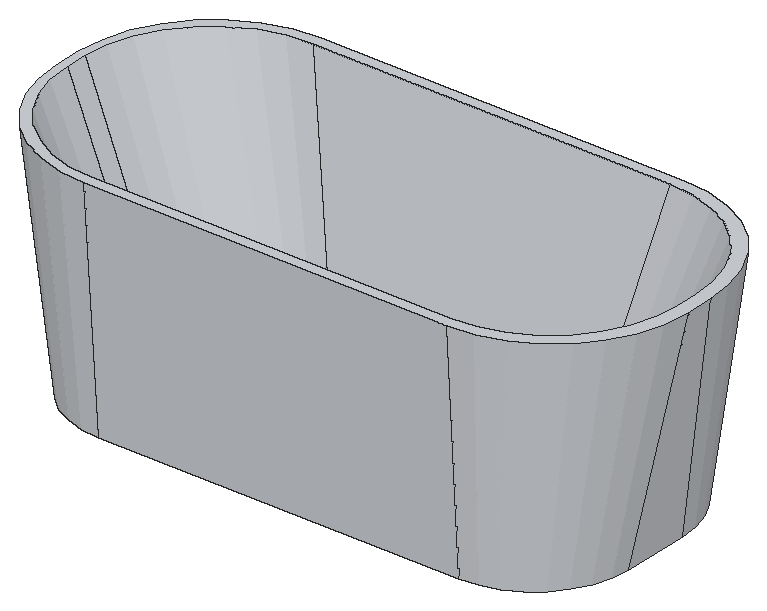
Revit family "Stilla_1600", category Generic Models, Revit 2019
Family settings
  Can host rebar = No
  Round Connector Dimension = Use Diameter
  Part Type = Normal
  Work Plane-Based = No
  Always vertical = Yes
  Cut with Voids When Loaded = No
  Shared = No
  Room Calculation Point = No
Parameters (values of type "Stilla 1600")
  Width = 750 mm
  URL = "www.westerbergs.se"
  Rim = 75.98 mm
  Manufacturer = "Hafa Bathroom Group AB"
  Length = 1600 mm
  Etim = "EC011609"
  Description = "Bathtub"
  Bottom length = 1180 mm
  Angle = 115.00°
Reference planes
  plane 1 "Center (Front/Back)": y = 0
  plane 2: z = 0
  plane 3 "Center (Left/Right)": x = 0
Forms (mm)
  Extrusion 1, void
    sketch origin (0, 0, 0) x (1, 0, 0) y (0, 1, 0)
      loop
        circle (0, 0) r 40.376
    from 0 to 178.78
  Blend 2, solid
    base sketch origin (0, 0, 0) x (1, 0, 0) y (0, 1, 0)
      loop
        arc (-454.07, 375) -> (-694.487, 275.416) -> (-794.07, 35) r 340
        line (-794.07, 35) -> (-794.07, -35)
        arc (-794.07, -35) -> (-694.487, -275.416) -> (-454.07, -375) r 340
        line (-454.07, -375) -> (465.93, -375)
        arc (465.93, -375) -> (706.346, -275.416) -> (805.93, -35) r 340
        line (805.93, -35) -> (805.93, 35)
        arc (805.93, 35) -> (706.346, 275.416) -> (465.93, 375) r 340
        line (465.93, 375) -> (-454.07, 375)
    top sketch origin (0, 0, 0) x (1, 0, 0) y (0, 1, 0)
      loop
        arc (-455, 325) -> (-624.706, 254.706) -> (-695, 85) r 240
        line (-695, 85) -> (-695, -85)
        arc (-695, -85) -> (-624.706, -254.706) -> (-455, -325) r 240
        line (-455, -325) -> (455, -325)
        arc (455, -325) -> (624.706, -254.706) -> (695, -85) r 240
        line (695, -85) -> (695, 85)
        arc (695, 85) -> (624.706, 254.706) -> (455, 325) r 240
        line (455, 325) -> (-455, 325)
    from 600 to 0
  Blend 3, void
    base sketch origin (0, 0, 600) x (1, 0, 0) y (0, 1, 0)
      loop
        arc (-453, 348) -> (-679.274, 254.274) -> (-773, 28) r 320
        line (-773, 28) -> (-773, -28)
        arc (-773, -28) -> (-679.274, -254.274) -> (-453, -348) r 320
        line (-453, -348) -> (453, -348)
        arc (453, -348) -> (679.274, -254.274) -> (773, -28) r 320
        line (773, -28) -> (773, 28)
        arc (773, 28) -> (679.274, 254.274) -> (453, 348) r 320
        line (453, 348) -> (-453, 348)
    top sketch origin (0, 0, 600) x (1, 0, 0) y (0, 1, 0)
      loop
        arc (-350, 265) -> (-519.706, 194.706) -> (-590, 25) r 240
        line (-590, 25) -> (-590, -25)
        arc (-590, -25) -> (-519.706, -194.706) -> (-350, -265) r 240
        line (-350, -265) -> (350, -265)
        arc (350, -265) -> (519.706, -194.706) -> (590, -25) r 240
        line (590, -25) -> (590, 25)
        arc (590, 25) -> (519.706, 194.706) -> (350, 265) r 240
        line (350, 265) -> (-350, 265)
    from 0 to -455
  Extrusion 4, void
    sketch origin (360, 0, 0) x (1, 0, 0) y (0, 1, 0)
      loop
        circle (40, 250) r 20
    from 0 to 130
  Extrusion 5, void
    sketch origin (-440, 0, 0) x (1, 0, 0) y (0, 1, 0)
      loop
        circle (40, -250) r 20
    from 0 to 130
  Extrusion 6, void
    sketch origin (-440, 0, 0) x (1, 0, 0) y (0, 1, 0)
      loop
        circle (40, 250) r 20
    from 0 to 130
  Extrusion 7, void
    sketch origin (360, 0, 0) x (1, 0, 0) y (0, 1, 0)
      loop
        circle (40, -250) r 20
    from 0 to 130
Cuts and joins
  Blend 3, Extrusion 4, Extrusion 5, Extrusion 6, Extrusion 7 cuts Blend 2
Lines and regions (mm)
  reference lines
    curve 1: line (-800, 375, 0) -> (800, 375, 0)
    curve 2: line (-800, -375, 0) -> (-800, 375, 0)
    curve 3: line (800, -375, 0) -> (-800, -375, 0)
    curve 4: line (800, 375, 0) -> (800, -375, 0)
Dimensions and locks
  "Width": curve 1 to curve 3
  "Length": curve 4 to curve 2
  equal spacing: curve 2, plane 3 "Center (Left/Right)", curve 4
  equal spacing: curve 3, plane 1 "Center (Front/Back)", curve 1
  locked: Extrusion 1 sketch curve to plane 3 "Center (Left/Right)"
  locked: plane 1 "Center (Front/Back)" to Extrusion 1 sketch curve
  locked: plane 3 "Center (Left/Right)" to Extrusion 4 sketch curve at 400
  locked: Extrusion 5 sketch curve to plane 3 "Center (Left/Right)" at 400
  locked: Extrusion 5 sketch curve to plane 1 "Center (Front/Back)" at 250
  plane 1 "Center (Front/Back)" to Extrusion 4 sketch curve = 250 mm
  aligned and locked: level to plane 2
Automatic sketch dimensions
  plane 1 "Center (Front/Back)" to Blend 2 sketch curve = 85 mm
  Blend 2 sketch curve to plane 3 "Center (Left/Right)" = 695 mm
  plane 1 "Center (Front/Back)" to Blend 2 sketch curve = 325 mm
  Blend 2 sketch curve to plane 1 "Center (Front/Back)" = 85 mm  (x2)
  Blend 2 sketch curve to Blend 2 sketch curve = 0 mm  (x3)
  plane 3 "Center (Left/Right)" to Blend 2 sketch curve = 455 mm
  Blend 2 sketch curve to Blend 2 sketch curve = 240 mm
  plane 1 "Center (Front/Back)" to Blend 2 sketch curve = 35 mm
  Blend 2 sketch curve to plane 3 "Center (Left/Right)" = 794.07 mm
  plane 1 "Center (Front/Back)" to Blend 2 sketch curve = 375 mm
  Blend 2 sketch curve to plane 1 "Center (Front/Back)" = 35 mm
  plane 3 "Center (Left/Right)" to Blend 2 sketch curve = 465.93 mm
  Blend 2 sketch curve to Blend 2 sketch curve = 340 mm
  plane 1 "Center (Front/Back)" to Blend 3 sketch curve = 28 mm
  Blend 3 sketch curve to plane 3 "Center (Left/Right)" = 773 mm
  plane 1 "Center (Front/Back)" to Blend 3 sketch curve = 348 mm
  Blend 3 sketch curve to Blend 3 sketch curve = 0 mm  (x4)
  Blend 3 sketch curve to plane 1 "Center (Front/Back)" = 28 mm
  plane 3 "Center (Left/Right)" to Blend 3 sketch curve = 453 mm
  Blend 3 sketch curve to Blend 3 sketch curve = 320 mm
  plane 1 "Center (Front/Back)" to Blend 3 sketch curve = 25 mm
  Blend 3 sketch curve to plane 3 "Center (Left/Right)" = 590 mm
  plane 1 "Center (Front/Back)" to Blend 3 sketch curve = 265 mm
  Blend 3 sketch curve to plane 1 "Center (Front/Back)" = 25 mm
  plane 3 "Center (Left/Right)" to Blend 3 sketch curve = 350 mm
  Blend 3 sketch curve to Blend 3 sketch curve = 240 mm
  Extrusion 6 sketch curve to plane 3 "Center (Left/Right)" = 400 mm
  Extrusion 6 sketch curve to plane 1 "Center (Front/Back)" = 250 mm
  plane 3 "Center (Left/Right)" to Extrusion 7 sketch curve = 400 mm
  plane 1 "Center (Front/Back)" to Extrusion 7 sketch curve = 250 mm
  radius of Extrusion 1 sketch curve = 40.376 mm
  radius of Extrusion 4 sketch curve = 20 mm
  radius of Extrusion 5 sketch curve = 20 mm
  radius of Extrusion 6 sketch curve = 20 mm
  radius of Extrusion 7 sketch curve = 20 mm
